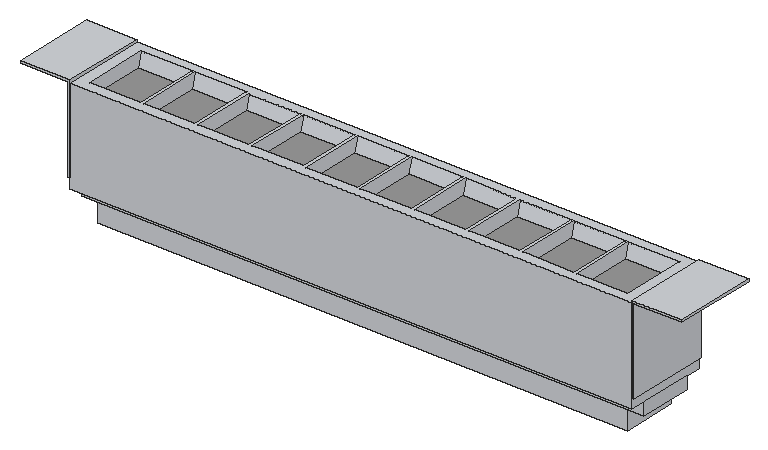
Revit family "2061196 Sylvania Lighting Fixture DOMINO 10xLED 930 BLACK MB TRIMLESS WHITE", category Lighting Fixtures, host Face, Revit 2018
Family settings
  Host = Face
  Round Connector Dimension = Use Diameter
  Part Type = Normal
  OmniClass Number = 23.80.70.00
  OmniClass Title = Lighting
  Cut with Voids When Loaded = No
  Light Source = Yes
  Shared = No
  Room Calculation Point = No
Parameters (values of type "2061196 DOMINO 10XLED 930 BLACK MB TS WHT ")
  top top width = 15.812 mm
  top top length = 255 mm
  Width = 50 mm
  Weight = "n/a"
  Wattage Comments = ""
  Wattage = 9.2903 W
  WarrantyStartDate [instance] = "n/a"
  WarrantyGuarantorParts = "n/a"
  WarrantyDurationUnit = "n/a"
  WarrantyDurationParts = ""
  WarrantyDescription = "http://www.sylvania-lighting.com"
  built-in parameter 1150110 = 1 (stored number, unit not read)
  Voltage = 0 V
  URL = "0.95"
  TypeName = "DOMINO 10xLED 930 BLACK MB TRIMLESS WHITE"
  Type Image = <None>
  Type Comments = "n/a"
  built-in parameter 1114217 = 1 (stored number, unit not read)
  Top Width = 26 mm
  Tilt Angle = 90.00°
  built-in parameter 1150109 = 1 (stored number, unit not read)
  built-in parameter 1150134 = 3
  built-in parameter 1150113 = 1 (stored number, unit not read)
  SerialNumber [instance] = "n/a"
  Recessed Width = 43 mm
  Recessed Length = 276 mm
  Photometric Web File = "2061196.ies"
  Material_3_FEILO = none
  PowerFactor = 0
  PowerConsumption = "Lighting"
  NominalLength = 41 mm
  NominalHeight = 0 mm
  NominalDepth = 0 mm
  Name = "DOMINO 10xLED 930 BLACK MB TRIMLESS WHITE"
  ModelReference = Name  # "DOMINO 10xLED 930 BLACK MB TRIMLESS WHITE"
  ModelNumber = "2061196"
  Model = Name  # "DOMINO 10xLED 930 BLACK MB TRIMLESS WHITE"
  Material = "Feilo Sylvania"
  ManufacturerName = "62 lm/W"
  Manufacturer = ""
  LuminousEfficacy = ""
  built-in parameter 1150105 = 109.82 (stored number, unit not read)
  Lumens = 1380 lm
  LuminaireType = "0"
  built-in parameter 1150115 = 1 (stored number, unit not read)
  LightOutputRatio = "LED"
  built-in parameter 1150137 = (empty or 0)
  built-in parameter 1150139 = (empty or 0)
  Lens inside recess = 25 mm
  Lens Width = 32 mm
  Lens Outside recess = 31.978 mm
  Lens = Glass, White, High Luminance
  Length = 280 mm
  LampsType = Lamp  # "n/a"
  LampNominalLuminous = "3000 K"
  LampMacAdamStep = "90"
  LampColourTemperature = "LED"
  LampColourRenderingIndex = "16500"
  built-in parameter 1150112 = 1 (stored number, unit not read)
  built-in parameter 1150114 = 1 (stored number, unit not read)
  Lamp = "n/a"
  Keynote = "n/a"
  InstallationDate [instance] = "n/a"
  InputVoltage = "0"
  InputNominalFrequency = "3000"
  built-in parameter 1150132 = (empty or 0)
  built-in parameter 1150102 = (empty or 0)
  built-in parameter 1150107 = 3200 (stored number, unit not read)
  built-in parameter 1150138 = (empty or 0)
  IngressProtection = "IfcLightFixtureType"
  ImpactProtectionIndex = "IfcLightFixtureType"
  built-in parameter 1150106 = 1.0982 (stored number, unit not read)
  IfcExportType = "IfcLightFixtureType"
  IfcExportAs = "Class II"
  Facia internal width = 37 mm
  Facia internal length = 268 mm
  Facia Height = 2 mm
  ExpectedLife = 50000
  Emit from Circle Diameter = 609.6 mm
  Emit Shape Visible in Rendering = no
  ElectricShockClassification = "62"
  built-in parameter 1150104 = 13.8 (stored number, unit not read)
  DurationUnit = "hours"
  DocumentationLiterature = "http://www.sylvania-lighting.com/product/en-int/products/2061196"
  DimmingControlOptions = "n/a"
  Material_2_FEILO = none
  Dimming Lamp Color Temperature Shift = <None>
  Description = "Modular LED recessed linear spotlight, ideal for retail and hospitality applications. Die-cast aluminium body, passive cooling. Two levels of reflector installation, low glaring UGR<16. 10x LED source, 30° beam angle , optics: PMMA lens and polycarbonate reflector combination, Black matt reflector finish. Light color temperature: 3000K warm white, total system power: 23W , total fixture lumen output: 1425lm, efficacy: 62 lm/W, Ra90 typical, LED chromacity: 3 step MacAdam ellipse (SDCM3), lifespan: 96,000 hours at 90% of the original output (L90B10), IR/UV free light source without heat radiation, operating voltage: 220-240V / 50-60Hz, electronic driver, ultra low flicker, non-dimmable , electrical protection: Class II. Degree of Protection: IP40/IP20, suitable for indoor environment only. Ceiling cut-out: 42x42mm, outer dimensions:  272x41mm , trimless frame RAL 9016 - Traffic white / Bezel color.5 years Warranty."
  Default Elevation = 1219.2 mm
  CreatedOn = "11/02/2021"
  CreatedBy = "@sylvania-lighting.com"
  Cost = 0
  Color Filter = 16777215
  built-in parameter 1114216 [instance] = (empty or 0)
  ClassificationValue = "EF_70_80"
  ClassificationName = "Uniclass2015"
  Material_1_FEILO = none
  Body Width = 40 mm
  Body Length = 270 mm
  BarCode [instance] = "n/a"
  built-in parameter 1114218 = 1 (stored number, unit not read)
  built-in parameter 1150133 = 10 (stored number, unit not read)
  AssetType = "Fixed"
  AssetIdentifier [instance] = "n/a"
  Assembly Code = "D5020200"
  Apparent Load = 23 VA
  Material_4_FEILO = none
Reference planes
  plane 1 "Center (Front/Back)": y = 0
  plane 2: z = 0
  plane 3 "Center (Left/Right)": x = 0
  plane 4: z = 0
  plane 5: z = -7
  plane 6: z = -45.895
  plane 7: z = -51.895
  plane 8: z = -60.895
  plane 9: x = -138
  plane 10: x = 138
  plane 11: y = 21.5
  plane 12: y = -21.5
  plane 13: x = -140
  plane 14: x = 140
  plane 15: y = 25
  plane 16: y = -25
  plane 17: x = 134
  plane 18: x = -134
  plane 19: y = 18.5
  plane 20: y = -18.5
  plane 21: z = 2
  plane 22: x = -135
  plane 23: x = 135
  plane 24: y = 20
  plane 25: y = -20
  plane 26: y = 13
  plane 27: y = -13
  plane 28: x = 127.5
  plane 29: x = -127.5
  plane 30: x = -132
  plane 31: y = 16.5
  plane 32: y = -16.472
  plane 33: y = 13
  plane 34: y = -12.972
  plane 35: x = 129.7
  plane 36: x = 127.224
  plane 37: x = -136
  plane 38: z = 1
  plane 39: x = -159
  plane 40: z = -41
  plane 41: x = 159
  plane 42: x = 136
Forms (mm)
  Extrusion 1, solid, not visible, detail levels medium+fine
    sketch origin (4.2, 0, 0) x (1, 0, 0) y (0, 1, 0)
      loop
        line (-29.2, 34.5) -> (-29.2, -34.5) -> (20.8, -34.5) -> (20.8, 34.5) -> (-29.2, 34.5)
    from 0 to 1
  Extrusion 2, solid, not visible, detail levels medium+fine
    sketch origin (4.044, 0, 0) x (1, 0, 0) y (0, 1, 0)
      loop
        line (-29.2, 34.5) -> (-29.2, -34.5) -> (20.8, -34.5) -> (20.8, 34.5) -> (-29.2, 34.5)
    from 0 to 1
  Blend 3, solid, not visible, detail levels medium+fine
    base sketch origin (4.2, 0, 0) x (1, 0, 0) y (0, 1, 0)
      loop
        line (-29.2, 34.5) -> (-29.2, -34.5) -> (20.8, -34.5) -> (20.8, 34.5) -> (-29.2, 34.5)
    top sketch origin (4.2, 0, 0) x (1, 0, 0) y (0, 1, 0)
      loop
        line (-21.7, 28) -> (-21.7, -28) -> (13.3, -28) -> (13.3, 28) -> (-21.7, 28)
    from 1 to 3
  Extrusion 4, solid, not visible, detail levels medium+fine
    sketch origin (3.419, 0, 0) x (1, 0, 0) y (0, 1, 0)
      loop
        line (-29.2, 34.5) -> (-29.2, -34.5) -> (20.8, -34.5) -> (20.8, 34.5) -> (-29.2, 34.5)
    from 0 to 1
  Blend 5, solid, not visible, detail levels medium+fine
    base sketch origin (3.575, 0, 0) x (1, 0, 0) y (0, 1, 0)
      loop
        line (-29.2, 34.5) -> (-29.2, -34.5) -> (20.8, -34.5) -> (20.8, 34.5) -> (-29.2, 34.5)
    top sketch origin (3.575, 0, 0) x (1, 0, 0) y (0, 1, 0)
      loop
        line (-21.7, 28) -> (-21.7, -28) -> (13.3, -28) -> (13.3, 28) -> (-21.7, 28)
    from 1 to 3
  Extrusion 6, solid, not visible, detail levels medium+fine
    sketch origin (4.247, 0, 0) x (1, 0, 0) y (0, 1, 0)
      loop
        line (-29.2, 34.5) -> (-29.2, -34.5) -> (20.8, -34.5) -> (20.8, 34.5) -> (-29.2, 34.5)
    from 0 to 1
  Blend 7, solid, not visible, detail levels medium+fine
    base sketch origin (4.403, 0, 0) x (1, 0, 0) y (0, 1, 0)
      loop
        line (-29.2, 34.5) -> (-29.2, -34.5) -> (20.8, -34.5) -> (20.8, 34.5) -> (-29.2, 34.5)
    top sketch origin (4.403, 0, 0) x (1, 0, 0) y (0, 1, 0)
      loop
        line (-21.7, 28) -> (-21.7, -28) -> (13.3, -28) -> (13.3, 28) -> (-21.7, 28)
    from 1 to 3
  Extrusion 8, void, detail levels medium+fine
    sketch origin (4.2, 0, 0) x (0, 1, 0) y (1, 0, 0)
      loop
        line (21.5, -142.2) -> (21.5, 133.8) -> (-21.5, 133.8) -> (-21.5, -142.2) -> (21.5, -142.2)
    from -9.934 to 83.097
  Extrusion 9, solid, detail levels medium+fine
    sketch origin (4.2, 0, 0) x (1, 0, 0) y (0, 1, 0)
      loop
        line (-139.2, 20) -> (-139.2, -20) -> (130.8, -20) -> (130.8, 20) -> (-139.2, 20)
    from 0 to -45.895
  Extrusion 10, solid, detail levels medium+fine
    sketch origin (4.2, 0, 0) x (1, 0, 0) y (0, 1, 0)
      loop
        line (-139.2, 13) -> (-139.2, -13) -> (130.8, -13) -> (130.8, 13) -> (-139.2, 13)
    from -51.895 to -45.895
  Extrusion 11, solid, material "Glass, White, High Luminance" <- "Lens", detail levels fine
    sketch origin (-53.155, 1221.106, 36.156) x (1, 0, 0) y (0, 1, 0)
      loop
        line (-76.18, -1206.856) -> (-76.18, -1232.856) -> (-52.18, -1232.856) -> (-52.18, -1206.856) -> (-76.18, -1206.856)
    from -43.156 to -42.182
  Extrusion 12, solid, detail levels fine
    sketch origin (0, 0, 0) x (1, 0, 0) y (0, 0, 1)
      loop
        line (-127.5, -51.895) -> (-127.5, -60.895) -> (127.5, -60.895) -> (127.5, -51.895) -> (-127.5, -51.895)
    from -13 to 13
  Blend 13, void
    base sketch origin (-59.8, 0, 0) x (0, 1, 0) y (-1, 0, 0)
      loop
        line (16.5, 69.7) -> (-16.472, 69.7) -> (-16.472, 44.7) -> (16.5, 44.7) -> (16.5, 69.7)
    top sketch origin (-59.8, 0, 0) x (0, 1, 0) y (-1, 0, 0)
      loop
        line (13, 69.2) -> (-12.972, 69.2) -> (-12.972, 45.2) -> (13, 45.2) -> (13, 69.2)
    from 3 to -7
  Blend 14, void
    base sketch origin (18.282, 0, 0) x (0, 1, 0) y (-1, 0, 0)
      loop
        line (16.5, 69.7) -> (-16.472, 69.7) -> (-16.472, 44.7) -> (16.5, 44.7) -> (16.5, 69.7)
    top sketch origin (18.282, 0, 0) x (0, 1, 0) y (-1, 0, 0)
      loop
        line (13, 69.2) -> (-12.972, 69.2) -> (-12.972, 45.2) -> (13, 45.2) -> (13, 69.2)
    from 3 to -7
  Blend 15, void
    base sketch origin (44.284, -0.017, 0) x (0, 1, 0) y (-1, 0, 0)
      loop
        line (16.5, 69.7) -> (-16.472, 69.7) -> (-16.472, 44.7) -> (16.5, 44.7) -> (16.5, 69.7)
    top sketch origin (44.284, -0.017, 0) x (0, 1, 0) y (-1, 0, 0)
      loop
        line (13, 69.2) -> (-12.972, 69.2) -> (-12.972, 45.2) -> (13, 45.2) -> (13, 69.2)
    from 3 to -7
  Blend 16, void
    base sketch origin (70.327, 0, 0) x (0, 1, 0) y (-1, 0, 0)
      loop
        line (16.5, 69.7) -> (-16.472, 69.7) -> (-16.472, 44.7) -> (16.5, 44.7) -> (16.5, 69.7)
    top sketch origin (70.327, 0, 0) x (0, 1, 0) y (-1, 0, 0)
      loop
        line (13, 69.2) -> (-12.972, 69.2) -> (-12.972, 45.2) -> (13, 45.2) -> (13, 69.2)
    from 3 to -7
  Blend 17, void
    base sketch origin (96.351, 0, 0) x (0, 1, 0) y (-1, 0, 0)
      loop
        line (16.5, 69.7) -> (-16.472, 69.7) -> (-16.472, 44.7) -> (16.5, 44.7) -> (16.5, 69.7)
    top sketch origin (96.351, 0, 0) x (0, 1, 0) y (-1, 0, 0)
      loop
        line (13, 69.2) -> (-12.972, 69.2) -> (-12.972, 45.2) -> (13, 45.2) -> (13, 69.2)
    from 3 to -7
  Extrusion 18, solid, material "Glass, White, High Luminance" <- "Lens", detail levels fine
    sketch origin (-29.269, 1219.946, 36.156) x (1, 0, 0) y (0, 1, 0)
      loop
        line (-73.723, -1206.946) -> (-73.723, -1232.946) -> (-49.723, -1232.946) -> (-49.723, -1206.946) -> (-73.723, -1206.946)
    from -43.156 to -42.182
  Extrusion 19, solid, material "Glass, White, High Luminance" <- "Lens", detail levels fine
    sketch origin (-0.613, 1219.733, 36.156) x (1, 0, 0) y (0, 1, 0)
      loop
        line (-76.347, -1206.7) -> (-76.347, -1232.733) -> (-52.347, -1232.733) -> (-52.347, -1206.7) -> (-76.347, -1206.7)
    from -43.156 to -42.182
  Extrusion 20, solid, material "Glass, White, High Luminance" <- "Lens", detail levels fine
    sketch origin (24.387, 1218.509, 36.156) x (1, 0, 0) y (0, 1, 0)
      loop
        line (-75.305, -1205.509) -> (-75.305, -1231.509) -> (-51.305, -1231.509) -> (-51.305, -1205.509) -> (-75.305, -1205.509)
    from -43.156 to -42.182
  Extrusion 21, solid, material "Glass, White, High Luminance" <- "Lens", detail levels fine
    sketch origin (51.187, 1219.547, 36.156) x (1, 0, 0) y (0, 1, 0)
      loop
        line (-76.102, -1206.547) -> (-76.102, -1232.547) -> (-52.102, -1232.547) -> (-52.102, -1206.547) -> (-76.102, -1206.547)
    from -43.156 to -42.182
  Blend 22, void
    base sketch origin (-33.792, 0, 0) x (0, 1, 0) y (-1, 0, 0)
      loop
        line (16.5, 69.7) -> (-16.472, 69.7) -> (-16.472, 44.7) -> (16.5, 44.7) -> (16.5, 69.7)
    top sketch origin (-33.792, 0, 0) x (0, 1, 0) y (-1, 0, 0)
      loop
        line (13, 69.2) -> (-12.972, 69.2) -> (-12.972, 45.2) -> (13, 45.2) -> (13, 69.2)
    from 3 to -7
  Blend 23, void
    base sketch origin (-7.76, 0, 0) x (0, 1, 0) y (-1, 0, 0)
      loop
        line (16.5, 69.7) -> (-16.472, 69.7) -> (-16.472, 44.7) -> (16.5, 44.7) -> (16.5, 69.7)
    top sketch origin (-7.76, 0, 0) x (0, 1, 0) y (-1, 0, 0)
      loop
        line (13, 69.2) -> (-12.972, 69.2) -> (-12.972, 45.2) -> (13, 45.2) -> (13, 69.2)
    from 3 to -7
  Blend 24, void
    base sketch origin (122.411, 0, 0) x (0, 1, 0) y (-1, 0, 0)
      loop
        line (16.5, 69.7) -> (-16.472, 69.7) -> (-16.472, 44.7) -> (16.5, 44.7) -> (16.5, 69.7)
    top sketch origin (122.411, 0, 0) x (0, 1, 0) y (-1, 0, 0)
      loop
        line (13, 69.2) -> (-12.972, 69.2) -> (-12.972, 45.2) -> (13, 45.2) -> (13, 69.2)
    from 3 to -7
  Extrusion 25, solid, material "Glass, White, High Luminance" <- "Lens", detail levels fine
    sketch origin (77.265, 1219.547, 36.156) x (1, 0, 0) y (0, 1, 0)
      loop
        line (-76.102, -1206.547) -> (-76.102, -1232.547) -> (-52.102, -1232.547) -> (-52.102, -1206.547) -> (-76.102, -1206.547)
    from -43.156 to -42.182
  Extrusion 26, solid, material "Glass, White, High Luminance" <- "Lens", detail levels fine
    sketch origin (100.753, 1219.547, 36.156) x (1, 0, 0) y (0, 1, 0)
      loop
        line (-76.102, -1206.547) -> (-76.102, -1232.547) -> (-52.102, -1232.547) -> (-52.102, -1206.547) -> (-76.102, -1206.547)
    from -43.156 to -42.182
  Extrusion 27, solid, material "Glass, White, High Luminance" <- "Lens", detail levels fine
    sketch origin (129.314, 1219.547, 36.156) x (1, 0, 0) y (0, 1, 0)
      loop
        line (-76.102, -1206.547) -> (-76.102, -1232.547) -> (-52.102, -1232.547) -> (-52.102, -1206.547) -> (-76.102, -1206.547)
    from -43.156 to -42.182
  Blend 28, void
    base sketch origin (148.416, 0, 0) x (0, 1, 0) y (-1, 0, 0)
      loop
        line (16.5, 69.7) -> (-16.472, 69.7) -> (-16.472, 44.7) -> (16.5, 44.7) -> (16.5, 69.7)
    top sketch origin (148.416, 0, 0) x (0, 1, 0) y (-1, 0, 0)
      loop
        line (13, 69.2) -> (-12.972, 69.2) -> (-12.972, 45.2) -> (13, 45.2) -> (13, 69.2)
    from 3 to -7
  Extrusion 29, solid, material "Glass, White, High Luminance" <- "Lens", detail levels fine
    sketch origin (155.278, 1219.547, 36.156) x (1, 0, 0) y (0, 1, 0)
      loop
        line (-76.102, -1206.547) -> (-76.102, -1232.547) -> (-52.102, -1232.547) -> (-52.102, -1206.547) -> (-76.102, -1206.547)
    from -43.156 to -42.182
  Blend 30, void
    base sketch origin (174.42, 0, 0) x (0, 1, 0) y (-1, 0, 0)
      loop
        line (16.5, 69.7) -> (-16.472, 69.7) -> (-16.472, 44.7) -> (16.5, 44.7) -> (16.5, 69.7)
    top sketch origin (174.42, 0, 0) x (0, 1, 0) y (-1, 0, 0)
      loop
        line (13, 69.2) -> (-12.972, 69.2) -> (-12.972, 45.2) -> (13, 45.2) -> (13, 69.2)
    from 3 to -7
  Extrusion 31, solid, material "Glass, White, High Luminance" <- "Lens", detail levels fine
    sketch origin (181.434, 1219.547, 36.156) x (1, 0, 0) y (0, 1, 0)
      loop
        line (-76.214, -1206.547) -> (-76.214, -1232.547) -> (-52.214, -1232.547) -> (-52.214, -1206.547) -> (-76.214, -1206.547)
    from -43.156 to -42.182
  Extrusion 32, solid, detail levels coarse
    sketch origin (4.2, 0, 0) x (1, 0, 0) y (0, 1, 0)
      loop
        line (-163.2, 25) -> (-163.2, -25) -> (154.8, -25) -> (154.8, 25) -> (-163.2, 25)
    from -60.895 to 1
  Extrusion 33, solid, detail levels medium+fine
    sketch origin (0, 0, 0) x (1, 0, 0) y (0, 0, 1)
      loop
        line (-135, -41) -> (-135, 1) -> (-159, 1) -> (-159, 0) -> (-136, 0) -> (-136, -41) -> (-135, -41)
    from -20 to 20
  Extrusion 34, solid, detail levels medium+fine
    sketch origin (0, 0, 0) x (1, 0, 0) y (0, 0, 1)
      loop
        line (159, 1) -> (135, 1) -> (135, -41) -> (136, -41) -> (136, 0) -> (159, 0) -> (159, 1)
    from -20 to 20
Cuts and joins
  Blend 13, Blend 14, Blend 15, Blend 16, Blend 17, Blend 22, Blend 23, Blend 24, Blend 28, Blend 30 cuts Extrusion 9
  Blend 30 cuts Extrusion 29
Dimensions and locks
  "Recessed Length": plane 9 to plane 10
  equal spacing: plane 9, plane 3 "Center (Left/Right)", plane 10
  "Length": plane 13 to plane 14
  equal spacing: plane 13, plane 3 "Center (Left/Right)", plane 14
  "Recessed Width": plane 11 to plane 12
  equal spacing: plane 11, plane 1 "Center (Front/Back)", plane 12
  "Width": plane 15 to plane 16
  equal spacing: plane 15, plane 1 "Center (Front/Back)", plane 16
  "Facia internal length": plane 18 to plane 17
  equal spacing: plane 18, plane 3 "Center (Left/Right)", plane 17
  "Facia internal width": plane 19 to plane 20
  equal spacing: plane 19, plane 1 "Center (Front/Back)", plane 20
  "Facia Height": plane 21 to host face
  "Body Length": plane 22 to plane 23
  equal spacing: plane 22, plane 3 "Center (Left/Right)", plane 23
  "Body Width": plane 24 to plane 25
  equal spacing: plane 24, plane 1 "Center (Front/Back)", plane 25
  "Top Width": plane 26 to plane 27
  equal spacing: plane 26, plane 1 "Center (Front/Back)", plane 27
  "top top length": plane 29 to plane 28
  equal spacing: plane 29, plane 3 "Center (Left/Right)", plane 28  (x2)
  plane 28 to plane 29 = 255 mm
  equal spacing: plane 28, plane 3 "Center (Left/Right)", plane 29
  aligned and locked: plane 2 to host face
  aligned and locked: level to host face
  aligned and locked: Extrusion 10 to plane 7
  aligned and locked: Extrusion 9 to plane 6
  aligned and locked: Extrusion 11 to plane 5
Automatic sketch dimensions
  Extrusion 1 sketch curve to Extrusion 1 sketch curve = 50 mm
  Extrusion 1 sketch curve to Extrusion 1 sketch curve = 69 mm
  Extrusion 2 sketch curve to Extrusion 2 sketch curve = 50 mm
  Extrusion 2 sketch curve to Extrusion 2 sketch curve = 69 mm
  Blend 3 sketch curve to Blend 3 sketch curve = 50 mm
  Blend 3 sketch curve to Blend 3 sketch curve = 69 mm
  Blend 3 sketch curve to Blend 3 sketch curve = 35 mm
  Blend 3 sketch curve to Blend 3 sketch curve = 56 mm
  Extrusion 4 sketch curve to Extrusion 4 sketch curve = 50 mm
  Extrusion 4 sketch curve to Extrusion 4 sketch curve = 69 mm
  Blend 5 sketch curve to Blend 5 sketch curve = 50 mm
  Blend 5 sketch curve to Blend 5 sketch curve = 69 mm
  Blend 5 sketch curve to Blend 5 sketch curve = 35 mm
  Blend 5 sketch curve to Blend 5 sketch curve = 56 mm
  Extrusion 6 sketch curve to Extrusion 6 sketch curve = 50 mm
  Extrusion 6 sketch curve to Extrusion 6 sketch curve = 69 mm
  Blend 7 sketch curve to Blend 7 sketch curve = 50 mm
  Blend 7 sketch curve to Blend 7 sketch curve = 69 mm
  Blend 7 sketch curve to Blend 7 sketch curve = 35 mm
  Blend 7 sketch curve to Blend 7 sketch curve = 56 mm
  host sketch curve to host sketch curve = 2438.4 mm  (x2)
  Extrusion 8 sketch curve to plane 9 = 0 mm
  Extrusion 8 sketch curve to plane 12 = 0 mm
  Extrusion 8 sketch curve to plane 11 = 0 mm
  Extrusion 8 sketch curve to plane 10 = 0 mm
  Extrusion 9 sketch curve to plane 22 = 0 mm
  Extrusion 9 sketch curve to plane 23 = 0 mm
  Extrusion 9 sketch curve to plane 25 = 0 mm
  Extrusion 9 sketch curve to plane 24 = 0 mm
  Extrusion 10 sketch curve to plane 22 = 0 mm
  Extrusion 10 sketch curve to plane 23 = 0 mm
  Extrusion 10 sketch curve to plane 27 = 0 mm
  plane 26 to Extrusion 10 sketch curve = 0 mm
  plane 27 to Extrusion 11 sketch curve = 1.25 mm
  plane 26 to Extrusion 11 sketch curve = 1.25 mm
  plane 30 to Extrusion 11 sketch curve = 2.665 mm
  Extrusion 12 sketch curve to plane 8 = 0 mm
  Extrusion 12 sketch curve to plane 29 = 0 mm
  Extrusion 12 sketch curve to plane 28 = 0 mm
  Extrusion 12 sketch curve to plane 7 = 0 mm
  plane 30 to Blend 13 sketch curve = 2.5 mm
  Blend 13 sketch curve to plane 32 = 0 mm
  Blend 13 sketch curve to plane 31 = 0 mm
  Blend 13 sketch curve to plane 34 = 0 mm
  Blend 13 sketch curve to plane 26 = 0 mm
  plane 30 to Blend 13 sketch curve = 3 mm
  Blend 14 sketch curve to plane 32 = 0 mm
  Blend 14 sketch curve to plane 31 = 0 mm
  Blend 14 sketch curve to plane 34 = 0 mm
  Blend 14 sketch curve to plane 26 = 0 mm
  Blend 15 sketch curve to plane 32 = 0.017 mm
  Blend 15 sketch curve to plane 31 = 0.017 mm
  plane 27 to Blend 15 sketch curve = 0.011 mm
  Blend 15 sketch curve to plane 26 = 0.017 mm
  plane 32 to Blend 16 sketch curve = 0 mm
  plane 31 to Blend 16 sketch curve = 0 mm
  plane 34 to Blend 16 sketch curve = 0 mm
  plane 26 to Blend 16 sketch curve = 0 mm
  Blend 17 sketch curve to plane 32 = 0 mm
  Blend 17 sketch curve to plane 31 = 0 mm
  Blend 17 sketch curve to plane 34 = 0 mm
  Blend 17 sketch curve to plane 26 = 0 mm
  Extrusion 18 sketch curve to plane 27 = 0 mm
  Extrusion 18 sketch curve to plane 26 = 0 mm
  Extrusion 19 sketch curve to plane 27 = 0 mm
  plane 26 to Extrusion 19 sketch curve = 0.033 mm
  Extrusion 20 sketch curve to plane 27 = 0 mm
  Extrusion 20 sketch curve to plane 26 = 0 mm
  Extrusion 21 sketch curve to plane 27 = 0 mm
  Extrusion 21 sketch curve to plane 26 = 0 mm
  Blend 22 sketch curve to plane 32 = 0 mm
  Blend 22 sketch curve to plane 31 = 0 mm
  Blend 22 sketch curve to plane 34 = 0 mm
  Blend 22 sketch curve to plane 26 = 0 mm
  Blend 23 sketch curve to plane 32 = 0 mm
  Blend 23 sketch curve to plane 31 = 0 mm
  Blend 23 sketch curve to plane 34 = 0 mm
  Blend 23 sketch curve to plane 26 = 0 mm
  Blend 24 sketch curve to plane 32 = 0 mm
  Blend 24 sketch curve to plane 31 = 0 mm
  Blend 24 sketch curve to plane 34 = 0 mm
  Blend 24 sketch curve to plane 26 = 0 mm
  Extrusion 25 sketch curve to plane 27 = 0 mm
  Extrusion 25 sketch curve to plane 26 = 0 mm
  Extrusion 26 sketch curve to plane 27 = 0 mm
  Extrusion 26 sketch curve to plane 26 = 0 mm
  Extrusion 27 sketch curve to plane 27 = 0 mm
  Extrusion 27 sketch curve to plane 26 = 0 mm
  Blend 28 sketch curve to plane 32 = 0 mm
  Blend 28 sketch curve to plane 31 = 0 mm
  Blend 28 sketch curve to plane 34 = 0 mm
  Blend 28 sketch curve to plane 26 = 0 mm
  Extrusion 29 sketch curve to plane 27 = 0 mm
  Extrusion 29 sketch curve to plane 26 = 0 mm
  Blend 30 sketch curve to plane 32 = 0 mm
  Blend 30 sketch curve to plane 31 = 0 mm
  plane 28 to Blend 30 sketch curve = 2.22 mm
  Blend 30 sketch curve to plane 34 = 0 mm
  Blend 30 sketch curve to plane 26 = 0 mm
  plane 28 to Blend 30 sketch curve = 1.72 mm
  plane 27 to Extrusion 31 sketch curve = 0 mm
  plane 26 to Extrusion 31 sketch curve = 0 mm
  plane 28 to Extrusion 31 sketch curve = 1.72 mm
  Extrusion 19 sketch curve to Extrusion 19 sketch curve = 24 mm
  Blend 23 sketch curve to Blend 23 sketch curve = 24 mm
  plane 29 to Extrusion 11 sketch curve = 22.165 mm
  plane 29 to Blend 13 sketch curve = 23 mm
  plane 29 to Blend 13 sketch curve = 22.5 mm
  plane 29 to Extrusion 18 sketch curve = 24.508 mm
  Extrusion 18 sketch curve to Extrusion 18 sketch curve = 24 mm
  plane 29 to Blend 22 sketch curve = 49.008 mm
  plane 29 to Blend 22 sketch curve = 24.008 mm
  plane 29 to Blend 22 sketch curve = 48.508 mm
  Blend 22 sketch curve to Blend 22 sketch curve = 24 mm
  Blend 23 sketch curve to Blend 23 sketch curve = 25 mm
  Blend 14 sketch curve to Blend 14 sketch curve = 25 mm
  Blend 14 sketch curve to Blend 14 sketch curve = 24 mm
  plane 29 to Extrusion 19 sketch curve = 50.54 mm
  Extrusion 20 sketch curve to Extrusion 20 sketch curve = 24 mm
  Blend 14 sketch curve to plane 3 "Center (Left/Right)" = 26.418 mm
  Blend 14 sketch curve to plane 3 "Center (Left/Right)" = 26.918 mm
  Blend 15 sketch curve to plane 3 "Center (Left/Right)" = 0.416 mm
  Blend 15 sketch curve to Blend 15 sketch curve = 25 mm
  Blend 15 sketch curve to plane 3 "Center (Left/Right)" = 0.916 mm
  Blend 15 sketch curve to Blend 15 sketch curve = 24 mm
  plane 3 "Center (Left/Right)" to Blend 16 sketch curve = 0.627 mm
  plane 3 "Center (Left/Right)" to Blend 16 sketch curve = 1.127 mm
  Extrusion 20 sketch curve to plane 3 "Center (Left/Right)" = 50.918 mm
  Extrusion 21 sketch curve to plane 3 "Center (Left/Right)" = 24.916 mm
  Extrusion 21 sketch curve to plane 3 "Center (Left/Right)" = 0.916 mm
  Blend 23 sketch curve to plane 3 "Center (Left/Right)" = 52.46 mm
  Blend 23 sketch curve to plane 3 "Center (Left/Right)" = 52.96 mm
  plane 3 "Center (Left/Right)" to Extrusion 25 sketch curve = 1.162 mm
  Blend 16 sketch curve to Blend 16 sketch curve = 25 mm
  Blend 16 sketch curve to Blend 16 sketch curve = 24 mm
  plane 3 "Center (Left/Right)" to Blend 17 sketch curve = 51.651 mm
  Blend 17 sketch curve to Blend 17 sketch curve = 25 mm
  plane 3 "Center (Left/Right)" to Blend 17 sketch curve = 51.151 mm
  Blend 17 sketch curve to Blend 17 sketch curve = 24 mm
  Blend 24 sketch curve to plane 36 = 49.513 mm
  Blend 24 sketch curve to Blend 24 sketch curve = 25 mm
  Blend 24 sketch curve to plane 36 = 50.013 mm
  Blend 24 sketch curve to Blend 24 sketch curve = 24 mm
  Extrusion 25 sketch curve to Extrusion 25 sketch curve = 24 mm
  plane 3 "Center (Left/Right)" to Extrusion 26 sketch curve = 24.651 mm
  Extrusion 26 sketch curve to Extrusion 26 sketch curve = 24 mm
  plane 3 "Center (Left/Right)" to Extrusion 27 sketch curve = 53.211 mm
  Extrusion 27 sketch curve to Extrusion 27 sketch curve = 24 mm
  Blend 28 sketch curve to plane 36 = 23.508 mm
  Blend 28 sketch curve to Blend 28 sketch curve = 25 mm
  Blend 28 sketch curve to plane 36 = 24.008 mm
  Blend 28 sketch curve to Blend 28 sketch curve = 24 mm
  Extrusion 29 sketch curve to plane 36 = 48.048 mm
  Extrusion 29 sketch curve to Extrusion 29 sketch curve = 24 mm
  Blend 30 sketch curve to plane 36 = 22.504 mm
  Blend 30 sketch curve to plane 36 = 22.004 mm
  Extrusion 31 sketch curve to plane 36 = 22.004 mm
  Extrusion 32 sketch curve to plane 13 = 19 mm
  plane 14 to Extrusion 32 sketch curve = 19 mm
  Extrusion 32 sketch curve to plane 16 = 0 mm
  Extrusion 32 sketch curve to plane 15 = 0 mm
  Extrusion 33 sketch curve to level = 0 mm
  Extrusion 33 sketch curve to plane 39 = 0 mm
  Extrusion 33 sketch curve to plane 37 = 0 mm
  Extrusion 33 sketch curve to plane 22 = 0 mm
  Extrusion 33 sketch curve to plane 40 = 0 mm
  Extrusion 33 sketch curve to plane 38 = 0 mm
  Extrusion 34 sketch curve to plane 23 = 0 mm
  Extrusion 34 sketch curve to plane 40 = 0 mm
  Extrusion 34 sketch curve to plane 42 = 0 mm
  Extrusion 34 sketch curve to plane 41 = 0 mm
  Extrusion 34 sketch curve to level = 0 mm
  Extrusion 34 sketch curve to plane 38 = 0 mm
Connectors
  electrical at (0, 0, -60.895)
    settings: on Extrusion 12, index 1, voltage 0 V, apparent load 0 VA, apparent load phase1 0 VA, apparent load phase2 0 VA, apparent load phase3 0 VA, power factor 1, load classification "Other", number of poles 1, system type 31, power factor state 1, is connector primary yes, connector utility no, sub classification motor no, connector description ""
